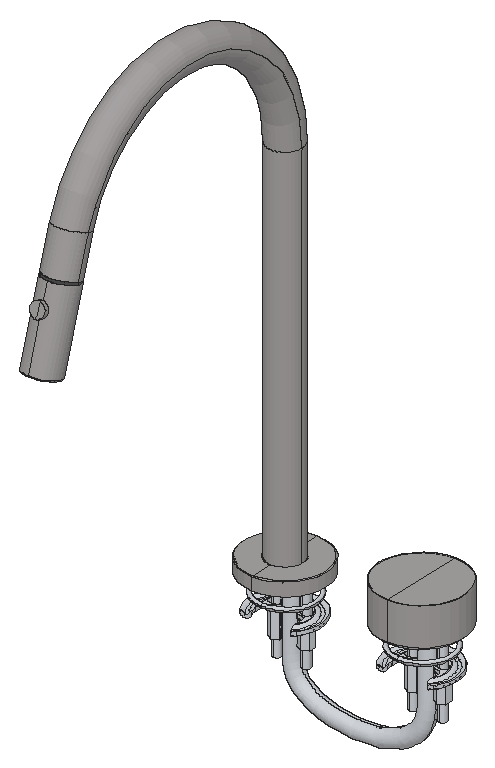
Revit family "Reece_Tap_Milli_Pure_Sink Mixer_Progressive_Pull Out Spray_Cirque Texture", category Plumbing Fixtures, host Face, Revit 2018
Family settings
  Host = Face
  Round Connector Dimension = Use Diameter
  Part Type = Normal
  Cut with Voids When Loaded = No
  Shared = Yes
  Room Calculation Point = Yes
Parameters
  WFU = 0  # constant formula
  URL = "https://www.reece.com.au/product/-2264085"
  Type Comments = "Tap"
  Reece_Tap_Reach = 222.77 mm
  Reece_Tap_Inlet = 12 mm  # constant formula
  Reece_Tap_Clearance = 226.452 mm
  Reece_Product_Web Page = "https://www.reece.com.au/product/-2264085"
  Reece_Product_Type = "Tap"  # constant formula
  Reece_Product_Sub Brand = "Pure"  # constant formula
  Reece_Product_Number = "2264085"
  Reece_Product_Mount = "Hob Mounted"
  Reece_Product_Description = "Milli Pure Progressive Sink Mixer Tap Set with Pull Out Spray and Cirque Textured Handle Gunmetal (4 Star)"
  Reece_Product_Brand = "Milli"  # constant formula
  Reece_Overall_Length = 265.863 mm
  Reece_Overall_Height = 394.3 mm
  Reece_Material_Secondary = Reece_Brass_Brushed Gunmetal_Cirque Pattern
  Reece_Material-Main = Reece_Brass_Brushed Gunmetal
  Reece_Detail_Tap_Handle Texture = "Cirque Texture"  # constant formula
  Reece_Detail_Installation = ""
  Reece_Detail_Disclaimer = "THIS FILE IS THE PROPERTY OF THE REECE GROUP. IT MAY NOT BE REPRODUCED, REVERSE-ENGINEERED OR MODIFIED. ANY REPUBLICATION, TRANSMISSION OR DISTRIBUTION FOR THE PURPOSE OF COMMERCIALLY EXPLOITING THE FILES IS PROHIBITED."  # constant formula
  Reece_Detail_Connector = ""
  Reece_Detail_Additional = "Sink Mixer Tap with Pull out Spray"  # constant formula
  Reece_3D Texture = no
  Reece_3D Simplified Geometry = not(Reece_3D Texture)  # yes
  Model = "Pure"
  Manufacturer = "Milli"
  Keynote = "Product #2264085, Reece_Tap_Milli_Pure_Sink Mixer_Progressive_Pull Out Spray_Cirque Texture -  "
  HWFU = 0  # constant formula
  Disclaimer = "THIS FILE IS THE PROPERTY OF THE REECE GROUP. IT MAY NOT BE REPRODUCED, REVERSE-ENGINEERED OR MODIFIED. ANY REPUBLICATION, TRANSMISSION OR DISTRIBUTION FOR THE PURPOSE OF COMMERCIALLY EXPLOITING THE FILES IS PROHIBITED."  # constant formula
  Description = "Milli Pure Progressive Sink Mixer Tap Set with Pull Out Spray and Cirque Textured Handle Gunmetal (4 Star)"
  Default Elevation = 1000 mm
  CWFU = 0  # constant formula
Types (7, lengths in mm): name | URL | Reece_Product_Web Page | Reece_Product_Number | Reece_Product_Description | Reece_Material_Secondary | Reece_Material-Main | Keynote | Description
  (no name) | "https://www.reece.com.au/product/-2264085" | "https://www.reece.com.au/product/-2264085" | "2264085" | "Milli Pure Progressive Sink Mixer Tap Set with Pull Out Spray and Cirque Textured Handle Gunmetal (4 Star)" | Reece_Brass_Brushed Gunmetal_Cirque Pattern | Reece_Brass_Brushed Gunmetal | "Product #2264085, Reece_Tap_Milli_Pure_Sink Mixer_Progressive_Pull Out Spray_Cirque Texture -  " | "Milli Pure Progressive Sink Mixer Tap Set with Pull Out Spray and Cirque Textured Handle Gunmetal (4 Star)"
  Brushed Gunmetal | "https://www.reece.com.au/product/-2264085" | "https://www.reece.com.au/product/-2264085" | "2264085" | "Milli Pure Progressive Sink Mixer Tap Set with Pull Out Spray and Cirque Textured Handle Gunmetal (4 Star)" | Reece_Brass_Brushed Gunmetal_Cirque Pattern | Reece_Brass_Brushed Gunmetal | "Product #2264085, Reece_Tap_Milli_Pure_Sink Mixer_Progressive_Pull Out Spray_Cirque Texture - Brushed Gunmetal" | "Milli Pure Progressive Sink Mixer Tap Set with Pull Out Spray and Cirque Textured Handle Gunmetal (4 Star)"
  Brushed Nickel | "https://www.reece.com.au/product/-2264082" | "https://www.reece.com.au/product/-2264082" | "2264082" | "Milli Pure Progressive Sink Mixer Tap Set with Pull Out Spray and Cirque Textured Handle Brushed Nickel (4 Star)" | Reece_Brass_Brushed Nickel_Cirque Pattern | Reece_Brass_Brushed Nickel | "Product #2264082, Reece_Tap_Milli_Pure_Sink Mixer_Progressive_Pull Out Spray_Cirque Texture - Brushed Nickel" | "Milli Pure Progressive Sink Mixer Tap Set with Pull Out Spray and Cirque Textured Handle Brushed Nickel (4 Star)"
  Chrome | "https://www.reece.com.au/product/-2264076" | "https://www.reece.com.au/product/-2264076" | "2264076" | "Milli Pure Progressive Sink Mixer Tap Set with Pull Out Spray and Cirque Textured Handle Chrome (4 Star)" | Reece_Brass_Chrome_Cirque Pattern | Reece_Brass_Chrome | "Product #2264076, Reece_Tap_Milli_Pure_Sink Mixer_Progressive_Pull Out Spray_Cirque Texture - Chrome" | "Milli Pure Progressive Sink Mixer Tap Set with Pull Out Spray and Cirque Textured Handle Chrome (4 Star)"
  Matte Black | "https://www.reece.com.au/product/-2264079" | "https://www.reece.com.au/product/-2264079" | "2264079" | "Milli Pure Progressive Sink Mixer Tap Set with Pull Out Spray and Cirque Textured Handle Matte Black (4 Star)" | Reece_Brass_Matte Black_Cirque Pattern | Reece_Brass_Matte Black | "Product #2264079, Reece_Tap_Milli_Pure_Sink Mixer_Progressive_Pull Out Spray_Cirque Texture - Matte Black" | "Milli Pure Progressive Sink Mixer Tap Set with Pull Out Spray and Cirque Textured Handle Matte Black (4 Star)"
  PVD Brushed Bronze | "https://www.reece.com.au/product/-9511140" | "https://www.reece.com.au/product/-9511140" | "9511140" | "Milli Pure Progressive Sink Mixer Tap Set with Pull Out Spray and Cirque Textured Handle PVD Brushed Bronze (4 Star)" | Reece_PVD_Brushed Bronze_Cirque Pattern | Reece_PVD_Brushed Bronze | "Product #9511140, Reece_Tap_Milli_Pure_Sink Mixer_Progressive_Pull Out Spray_Cirque Texture - PVD Brushed Bronze" | "Milli Pure Progressive Sink Mixer Tap Set with Pull Out Spray and Cirque Textured Handle PVD Brushed Bronze (4 Star)"
  PVD Brushed Gold | "https://www.reece.com.au/product/-9510955" | "https://www.reece.com.au/product/-9510955" | "9510955" | "Milli Pure Progressive Sink Mixer Tap Set with Pull Out Spray and Cirque Textured Handle PVD Brushed Gold (4 Star)" | Reece_PVD_Brushed Gold_Cirque Pattern | Reece_PVD_Brushed Gold | "Product #9510955, Reece_Tap_Milli_Pure_Sink Mixer_Progressive_Pull Out Spray_Cirque Texture - PVD Brushed Gold" | "Milli Pure Progressive Sink Mixer Tap Set with Pull Out Spray and Cirque Textured Handle PVD Brushed Gold (4 Star)"
Reference planes
  plane 1 "Center (Front/Back)": y = 0
  plane 2 "Bottom": z = 0
  plane 3 "Center (Left/Right)": x = 0
  plane 4 "Top": z = 394.3
  plane 5: through (0, -222.16, 228.356) normal (0, 0.9522, -0.3054)
  plane 6: y = -222.77
  plane 7: z = 226.452
  plane 8: y = -234.863
  plane 9: y = 31
Forms (mm)
  Extrusion 1, void
    sketch origin (0, 0, 0) x (1, 0, 0) y (0, 1, 0)
      loop
        circle (50, 0) r 17.5
    from 0 to -50
  Revolve 2, solid, material "Reece_Brass_Brushed Gunmetal" <- "Reece_Material-Main"
    sketch origin (50, 0, 0) x (0, 1, 0) y (0, 0, 1)
      loop
        line (28.5, 0) -> (28.5, 2) -> (0, 2) -> (0, 0) -> (28.5, 0)
      axis (0, 2) -> (0, 0)
    angle from 0 to 360
  Extrusion 3, void
    sketch origin (50, 2, 0) x (1, 0, 0) y (0, 1, 0)
      loop
        circle (-7, -9.5) r 6.7
      loop
        circle (-10.749, 4.019) r 3.519
      loop
        circle (10.75, 4) r 3.5
      loop
        circle (7, -9.5) r 6.7
      loop
        circle (0, 4.7) r 6.7
    from 0 to 4
  Extrusion 4, solid
    sketch origin (50, 2, 0) x (0, 1, 0) y (1, 0, 0)
      loop
        circle (4, 10.75) r 3
      loop
        circle (4, -10.75) r 3
    from 0 to 61.5
  Revolve 5, solid
    sketch origin (50, 0, -7) x (0, 1, 0) y (0, 0, 1)
      loop
        arc (18.75, -21.5) -> (21.75, -23) -> (24.75, -21.5) r 3.75
        line (24.75, -21.5) -> (25.75, -21.5) -> (25.75, -19)
        arc (25.75, -19) -> (24.212, -19.499) -> (22.941, -20.498) r 4.61
        arc (22.941, -20.498) -> (21.841, -21) -> (20.728, -20.527) r 1.5
        arc (20.728, -20.527) -> (19.122, -19.398) -> (17.2, -19) r 4.84
        line (17.2, -19) -> (17.2, -21.5) -> (18.75, -21.5)
      axis (0, -19) -> (0, -21.5)
    angle from 0 to 360
  Extrusion 6, solid
    sketch origin (50, 0, -30) x (1, 0, 0) y (0, 1, 0)
      loop
        arc (-9.053, 2.711) -> (-6.961, 7.197) -> (-11.447, 9.289) r 3.5
        line (-11.447, 9.289) -> (-13.326, 8.605)
        arc (-13.326, 8.605) -> (-15.418, 4.119) -> (-10.932, 2.027) r 3.5
        line (-10.932, 2.027) -> (-9.053, 2.711)
      loop
        arc (-5.01, 5.791) -> (-6.06, 3.288) -> (-8.263, 1.702) r 5
        line (-8.263, 1.702) -> (-13.684, -0.271)
        arc (-13.684, -0.271) -> (-14.638, -1.003) -> (-15, -2.15) r 2
        line (-15, -2.15) -> (-15, -8.417)
        arc (-15, -8.417) -> (0, 17.2) -> (15, -8.417) r 17.2
        line (15, -8.417) -> (15, -2.15)
        arc (15, -2.15) -> (14.638, -1.003) -> (13.684, -0.271) r 2
        line (13.684, -0.271) -> (8.263, 1.702)
        arc (8.263, 1.702) -> (6.06, 3.288) -> (5.01, 5.791) r 5
        line (5.01, 5.791) -> (4.466, 10.221)
        arc (4.466, 10.221) -> (0, 14.173) -> (-4.466, 10.221) r 4.5
        line (-4.466, 10.221) -> (-5.01, 5.791)
      loop
        arc (11.447, 9.289) -> (6.961, 7.197) -> (9.053, 2.711) r 3.5
        line (9.053, 2.711) -> (10.932, 2.027)
        arc (10.932, 2.027) -> (15.418, 4.119) -> (13.326, 8.605) r 3.5
        line (13.326, 8.605) -> (11.447, 9.289)
    from 1.5 to 4
  Extrusion 7, solid
    sketch origin (50, 0, -7) x (1, 0, 0) y (0, 1, 0)
      loop
        circle (10.75, 6) r 3
      loop
        line (10.75, 11.196) -> (6.25, 8.598) -> (6.25, 3.402) -> (10.75, 0.804) -> (15.25, 3.402) -> (15.25, 8.598) -> (10.75, 11.196)
      loop
        circle (-10.75, 6) r 3
      loop
        line (-10.75, 11.196) -> (-15.25, 8.598) -> (-15.25, 3.402) -> (-10.75, 0.804) -> (-6.25, 3.402) -> (-6.25, 8.598) -> (-10.75, 11.196)
    from -41.5 to -23
  Revolve 8, solid
    sketch origin (50, 0, 0) x (0, 1, 0) y (0, 0, 1)
      loop
        circle (22.2, -14) r 1.3
      axis (1, -14) -> (1, -13)
    angle from 0 to 360
  Extrusion 9, void
    sketch origin (50, 0, -23) x (1, 0, 0) y (0, 1, 0)
      loop
        line (27.556, -34.599) -> (27.556, -14.961) -> (20.958, -14.961)
        arc (20.958, -14.961) -> (17.049, -15.272) -> (15, -11.93) r 3.75
        line (15, -11.93) -> (15, -8.417) -> (-15, -8.417) -> (-15, -11.93)
        arc (-15, -11.93) -> (-17.049, -15.272) -> (-20.958, -14.961) r 3.75
        line (-20.958, -14.961) -> (-27.556, -14.961) -> (-27.556, -34.599) -> (27.556, -34.599)
    from -13.943 to 5
  Sweep 10, solid, material "Reece_Brass_Brushed Gunmetal" <- "Reece_Material-Main"
    path origin (-50, 0, 0) x (0, 1, 0) y (0, 0, 1)
      loop
        line (-204.384, 283.775) -> (-195.222, 312.342)
        arc (-195.222, 312.342) -> (-84.543, 380.598) -> (0, 281.8) r 100
        line (0, 281.8) -> (0, 0)
    profile origin (-50, 0, 140.9) x (1, 0, 0) y (0, 1, 0)
      loop
        circle (0, 0) r 12.5
  Sweep 11, solid, material "Reece_Brass_Matte Black"
    path origin (-50, 0, 0) x (0, 1, 0) y (0, 0, 1)
      loop
        line (-205.056, 281.68) -> (-204.445, 283.585)
    profile origin (-50, -204.751, 282.632) x (0, -0.952219, 0.305416) y (1, 0, 0)
      loop
        circle (0, 0) r 12.5
  Sweep 12, solid, material "Reece_Brass_Matte Black"
    path origin (-50, 0, 0) x (0, 1, 0) y (0, 0, 1)
      loop
        line (-205.056, 281.68) -> (-204.445, 283.585)
    profile origin (-50, -204.751, 282.632) x (0, -0.952219, 0.305416) y (1, 0, 0)
      loop
        circle (0, 0) r 12.5
  Revolve 13, solid, material "Reece_Brass_Brushed Gunmetal" <- "Reece_Material-Main"
    sketch origin (-50, 0, 0) x (0, 1, 0) y (0, 0, 1)
      loop
        line (-210.5, 223.126) -> (-192.963, 277.801) -> (-205.056, 281.68) -> (-222.16, 228.356) -> (-211.447, 224.92) -> (-211.766, 223.926)
        arc (-211.766, 223.926) -> (-211.713, 223.212) -> (-211.179, 222.734) r 0.956
        line (-211.179, 222.734) -> (-210.5, 223.126)
      axis (-222.77, 226.452) -> (-205.056, 281.68)
    angle from 0 to 360
  Revolve 14, solid, material "Reece_Brass_Brushed Gunmetal" <- "Reece_Material-Main"
    sketch origin (-50, 0, 0) x (0, 1, 0) y (0, 0, 1)
      loop
        line (-30, 9.4) -> (-30, 0) -> (-10, 0) -> (-10, 7.624) -> (-13.394, 10) -> (-29.4, 10) -> (-30, 9.4)
      axis (0, 10) -> (0, 0)
    angle from 0 to 360
  Revolve 15, solid, material "Reece_Brass_Matte Black"
    sketch origin (-50, 0, 0) x (0, 1, 0) y (0, 0, 1)
      loop
        line (-213.327, 225.523) -> (-222.16, 228.356) -> (-222.601, 226.979) -> (-213.769, 224.146) -> (-213.327, 225.523)
      axis (-222.601, 226.979) -> (-222.16, 228.356)
    angle from 0 to 360
  Extrusion 16, void
    sketch origin (0, -222.16, 228.356) x (0, -0.305416, -0.952219) y (-1, 0, 0)
      loop
        arc (-35.2, 47.723) -> (-33.401, 49.521) -> (-35.2, 51.32) r 1.799
        line (-35.2, 51.32) -> (-39.8, 51.32)
        arc (-39.8, 51.32) -> (-41.599, 49.521) -> (-39.8, 47.723) r 1.799
        line (-39.8, 47.723) -> (-35.2, 47.723)
    from -15 to -11.281
  Revolve 17, solid, material "Reece_Brass_Brushed Gunmetal" <- "Reece_Material-Main"
    sketch origin (-50, 0, 0) x (0, 1, 0) y (0, 0, 1)
      loop
        line (-226.416, 270.582) -> (-221.018, 268.85) -> (-220.713, 269.803) -> (-223.492, 270.694) -> (-222.118, 274.979) -> (-224.737, 275.819) -> (-226.416, 270.582)
      axis (-221.018, 268.85) -> (-226.416, 270.582)
    angle from 0 to 360
  Extrusion 18, void
    sketch origin (-100, 0, 0) x (1, 0, 0) y (0, 1, 0)
      loop
        circle (50, 0) r 17.5
    from 0 to -50
  Extrusion 19, solid
    sketch origin (-50, 2, 0) x (0, 1, 0) y (1, 0, 0)
      loop
        circle (4, 10.75) r 3
      loop
        circle (4, -10.75) r 3
    from 0 to 61.5
  Revolve 20, solid
    sketch origin (-50, 0, -7) x (0, 1, 0) y (0, 0, 1)
      loop
        arc (18.75, -21.5) -> (21.75, -23) -> (24.75, -21.5) r 3.75
        line (24.75, -21.5) -> (25.75, -21.5) -> (25.75, -19)
        arc (25.75, -19) -> (24.212, -19.499) -> (22.941, -20.498) r 4.61
        arc (22.941, -20.498) -> (21.841, -21) -> (20.728, -20.527) r 1.5
        arc (20.728, -20.527) -> (19.122, -19.398) -> (17.2, -19) r 4.84
        line (17.2, -19) -> (17.2, -21.5) -> (18.75, -21.5)
      axis (0, -19) -> (0, -21.5)
    angle from 0 to 360
  Extrusion 21, solid
    sketch origin (-50, 0, -30) x (1, 0, 0) y (0, 1, 0)
      loop
        arc (-9.053, 2.711) -> (-6.961, 7.197) -> (-11.447, 9.289) r 3.5
        line (-11.447, 9.289) -> (-13.326, 8.605)
        arc (-13.326, 8.605) -> (-15.418, 4.119) -> (-10.932, 2.027) r 3.5
        line (-10.932, 2.027) -> (-9.053, 2.711)
      loop
        arc (-5.01, 5.791) -> (-6.06, 3.288) -> (-8.263, 1.702) r 5
        line (-8.263, 1.702) -> (-13.684, -0.271)
        arc (-13.684, -0.271) -> (-14.638, -1.003) -> (-15, -2.15) r 2
        line (-15, -2.15) -> (-15, -8.417)
        arc (-15, -8.417) -> (0, 17.2) -> (15, -8.417) r 17.2
        line (15, -8.417) -> (15, -2.15)
        arc (15, -2.15) -> (14.638, -1.003) -> (13.684, -0.271) r 2
        line (13.684, -0.271) -> (8.263, 1.702)
        arc (8.263, 1.702) -> (6.06, 3.288) -> (5.01, 5.791) r 5
        line (5.01, 5.791) -> (4.466, 10.221)
        arc (4.466, 10.221) -> (0, 14.173) -> (-4.466, 10.221) r 4.5
        line (-4.466, 10.221) -> (-5.01, 5.791)
      loop
        arc (11.447, 9.289) -> (6.961, 7.197) -> (9.053, 2.711) r 3.5
        line (9.053, 2.711) -> (10.932, 2.027)
        arc (10.932, 2.027) -> (15.418, 4.119) -> (13.326, 8.605) r 3.5
        line (13.326, 8.605) -> (11.447, 9.289)
    from 1.5 to 4
  Extrusion 22, solid
    sketch origin (-50, 0, -7) x (1, 0, 0) y (0, 1, 0)
      loop
        circle (10.75, 6) r 3
      loop
        line (10.75, 11.196) -> (6.25, 8.598) -> (6.25, 3.402) -> (10.75, 0.804) -> (15.25, 3.402) -> (15.25, 8.598) -> (10.75, 11.196)
      loop
        circle (-10.75, 6) r 3
      loop
        line (-10.75, 11.196) -> (-15.25, 8.598) -> (-15.25, 3.402) -> (-10.75, 0.804) -> (-6.25, 3.402) -> (-6.25, 8.598) -> (-10.75, 11.196)
    from -41.5 to -23
  Revolve 23, solid
    sketch origin (-50, 0, 0) x (0, 1, 0) y (0, 0, 1)
      loop
        circle (22.2, -14) r 1.3
      axis (1, -14) -> (1, -13)
    angle from 0 to 360
  Extrusion 24, void
    sketch origin (-50, 0, -23) x (1, 0, 0) y (0, 1, 0)
      loop
        line (27.556, -34.599) -> (27.556, -14.961) -> (20.958, -14.961)
        arc (20.958, -14.961) -> (17.049, -15.272) -> (15, -11.93) r 3.75
        line (15, -11.93) -> (15, -8.417) -> (-15, -8.417) -> (-15, -11.93)
        arc (-15, -11.93) -> (-17.049, -15.272) -> (-20.958, -14.961) r 3.75
        line (-20.958, -14.961) -> (-27.556, -14.961) -> (-27.556, -34.599) -> (27.556, -34.599)
    from -13.943 to 5
  Sweep 25, solid
    path origin (0, 0, 0) x (1, 0, 0) y (0, 0, 1)
      loop
        spline (-50, 0) -> (-50, -35.658) -> (-49.855, -51.176) -> (-48.185, -64.973) -> (-40.224, -77.244) -> (-23.351, -85.775) -> (-1.747, -89.448) -> (19.693, -87.466) -> (37.142, -80.02) -> (47.233, -67.671) -> (49.994, -51.322) -> (50.019, -32.006) -> (50, 0)
    profile origin (-1.747, 0, -89.448) x (0.041345, 0, 0.999145) y (0, -1, 0)
      loop
        circle (0, -6.25) r 6
Cuts and joins
  Extrusion 3, Extrusion 18 cuts Revolve 2
  Extrusion 3, Extrusion 18 cuts Extrusion 4
  Extrusion 9 cuts Revolve 5
  joined: Sweep 10, Revolve 14
  Extrusion 16 cuts Revolve 13
  Extrusion 24 cuts Revolve 20
Text (mm)
  text "Reece Copyright © 2018, Reece Ltd." at (-1403.988, -1192.393, 0), in view "Ref. Level"
  text "Reece ©" at (44.384, 258.95, 192.345), in view "Reece Preview"
Dimensions and locks
  "Reece_Overall_Height": plane 4 "Top" to plane 2 "Bottom"
  Revolve 13 sketch curve to Revolve 13 sketch curve = 12.7 mm
  "Reece_Tap_Clearance": plane 7 to plane 2 "Bottom"
  "Reece_Tap_Reach": plane 1 "Center (Front/Back)" to plane 6
  "Reece_Overall_Length": plane 9 to plane 8
  aligned and locked: plane 2 "Bottom" to host face
  aligned and locked: level to host face
Automatic sketch dimensions
  host sketch curve to host sketch curve = 380.785 mm
  host sketch curve to host sketch curve = 317.421 mm
  Extrusion 1 sketch curve to Extrusion 1 sketch curve = 0 mm  (x2)
  plane 1 "Center (Front/Back)" to Extrusion 1 sketch curve = 0 mm
  plane 3 "Center (Left/Right)" to Extrusion 1 sketch curve = 50 mm
  plane 1 "Center (Front/Back)" to Extrusion 1 sketch curve = 17.5 mm
  Revolve 2 sketch curve to plane 1 "Center (Front/Back)" = 0 mm  (x2)
  level to Revolve 2 sketch curve = 0 mm
  Revolve 2 sketch curve to level = 23.173 mm
  Revolve 2 sketch curve to Revolve 2 sketch curve = 130 mm
  Extrusion 3 sketch curve to plane 1 "Center (Front/Back)" = 6.019 mm
  plane 3 "Center (Left/Right)" to Extrusion 3 sketch curve = 39.251 mm
  Extrusion 3 sketch curve to Extrusion 3 sketch curve = 3.749 mm
  Extrusion 3 sketch curve to Extrusion 3 sketch curve = 10.749 mm
  Extrusion 3 sketch curve to Extrusion 3 sketch curve = 14 mm
  Extrusion 3 sketch curve to Extrusion 3 sketch curve = 10.75 mm
  Extrusion 3 sketch curve to plane 1 "Center (Front/Back)" = 6 mm
  plane 1 "Center (Front/Back)" to Extrusion 3 sketch curve = 7.5 mm  (x2)
  Extrusion 3 sketch curve to plane 1 "Center (Front/Back)" = 6.7 mm
  Extrusion 4 sketch curve to plane 1 "Center (Front/Back)" = 6 mm  (x2)
  plane 3 "Center (Left/Right)" to Extrusion 4 sketch curve = 60.75 mm
  Extrusion 4 sketch curve to Extrusion 4 sketch curve = 21.5 mm
  Revolve 5 sketch curve to plane 1 "Center (Front/Back)" = 0 mm
  Revolve 5 sketch curve to Revolve 5 sketch curve = 1.55 mm
  Revolve 5 sketch curve to Revolve 5 sketch curve = 0.072 mm
  Revolve 5 sketch curve to Revolve 5 sketch curve = 0.632 mm
  Revolve 5 sketch curve to level = 30.84 mm
  Revolve 5 sketch curve to Revolve 5 sketch curve = 0.274 mm
  Revolve 5 sketch curve to Revolve 5 sketch curve = 2.34 mm
  Revolve 5 sketch curve to Revolve 5 sketch curve = 2 mm
  Revolve 5 sketch curve to Revolve 5 sketch curve = 0.25 mm
  Revolve 5 sketch curve to Revolve 5 sketch curve = 2.5 mm  (x2)
  Revolve 5 sketch curve to Revolve 5 sketch curve = 0 mm
  Revolve 5 sketch curve to Revolve 5 sketch curve = 316.97 mm
  plane 4 "Top" to Revolve 5 sketch curve = 442.532 mm
  plane 1 "Center (Front/Back)" to Extrusion 6 sketch curve = 0 mm
  plane 1 "Center (Front/Back)" to Extrusion 6 sketch curve = 8.417 mm
  plane 3 "Center (Left/Right)" to Extrusion 6 sketch curve = 35 mm
  plane 1 "Center (Front/Back)" to Extrusion 6 sketch curve = 0.271 mm  (x2)
  Extrusion 6 sketch curve to Extrusion 6 sketch curve = 1.316 mm
  Extrusion 6 sketch curve to plane 1 "Center (Front/Back)" = 8.605 mm  (x2)
  Extrusion 6 sketch curve to Extrusion 6 sketch curve = 0.358 mm
  Extrusion 6 sketch curve to Extrusion 6 sketch curve = 0.684 mm  (x2)
  Extrusion 6 sketch curve to Extrusion 6 sketch curve = 1.197 mm  (x2)
  Extrusion 6 sketch curve to plane 1 "Center (Front/Back)" = 9.289 mm  (x2)
  Extrusion 6 sketch curve to Extrusion 6 sketch curve = 1.879 mm  (x6)
  Extrusion 6 sketch curve to plane 1 "Center (Front/Back)" = 2.027 mm  (x2)
  Extrusion 6 sketch curve to Extrusion 6 sketch curve = 0.277 mm  (x2)
  Extrusion 6 sketch curve to plane 1 "Center (Front/Back)" = 2.711 mm  (x2)
  Extrusion 6 sketch curve to plane 1 "Center (Front/Back)" = 1.702 mm  (x2)
  Extrusion 6 sketch curve to Extrusion 6 sketch curve = 0.79 mm  (x2)
  Extrusion 6 sketch curve to plane 1 "Center (Front/Back)" = 5.791 mm  (x2)
  Extrusion 6 sketch curve to Extrusion 6 sketch curve = 4.963 mm
  Extrusion 6 sketch curve to plane 1 "Center (Front/Back)" = 10.221 mm  (x2)
  Extrusion 6 sketch curve to Extrusion 6 sketch curve = 0.544 mm  (x2)
  Extrusion 6 sketch curve to Extrusion 6 sketch curve = 5.01 mm
  Extrusion 6 sketch curve to Extrusion 6 sketch curve = 4.466 mm
  Extrusion 6 sketch curve to Extrusion 6 sketch curve = 3.253 mm
  Extrusion 6 sketch curve to Extrusion 6 sketch curve = 0.92 mm
  Extrusion 6 sketch curve to Extrusion 6 sketch curve = 1.474 mm
  plane 1 "Center (Front/Back)" to Extrusion 6 sketch curve = 2.15 mm
  Extrusion 6 sketch curve to Extrusion 6 sketch curve = 2.068 mm
  Extrusion 6 sketch curve to Extrusion 6 sketch curve = 0.548 mm
  Extrusion 7 sketch curve to plane 1 "Center (Front/Back)" = 8.598 mm  (x4)
  plane 3 "Center (Left/Right)" to Extrusion 7 sketch curve = 34.75 mm
  Extrusion 7 sketch curve to plane 1 "Center (Front/Back)" = 0.804 mm  (x2)
  Extrusion 7 sketch curve to Extrusion 7 sketch curve = 4.5 mm  (x6)
  Extrusion 7 sketch curve to plane 1 "Center (Front/Back)" = 11.196 mm  (x2)
  Extrusion 7 sketch curve to Extrusion 7 sketch curve = 0 mm  (x2)
  Extrusion 7 sketch curve to Extrusion 7 sketch curve = 12.5 mm
  Extrusion 7 sketch curve to plane 1 "Center (Front/Back)" = 3.402 mm  (x4)
  Extrusion 7 sketch curve to Extrusion 7 sketch curve = 5.196 mm  (x2)
  Revolve 8 sketch curve to level = 14 mm  (x2)
  Revolve 8 sketch curve to plane 1 "Center (Front/Back)" = 1 mm
  Revolve 8 sketch curve to Revolve 8 sketch curve = 4.102 mm
  plane 3 "Center (Left/Right)" to Extrusion 9 sketch curve = 22.444 mm
  Extrusion 9 sketch curve to Extrusion 9 sketch curve = 6.599 mm  (x2)
  Extrusion 9 sketch curve to Extrusion 9 sketch curve = 2.208 mm  (x2)
  Extrusion 9 sketch curve to Extrusion 9 sketch curve = 3.75 mm  (x2)
  plane 1 "Center (Front/Back)" to Extrusion 9 sketch curve = 8.417 mm
  Extrusion 9 sketch curve to Extrusion 9 sketch curve = 30 mm
  Extrusion 9 sketch curve to Extrusion 9 sketch curve = 3.513 mm
  Extrusion 9 sketch curve to Extrusion 9 sketch curve = 3.514 mm
  Extrusion 9 sketch curve to Extrusion 9 sketch curve = 19.637 mm
  plane 5 to Sweep 10 sketch curve = 0 mm  (x2)
  Sweep 10 sketch curve to plane 1 "Center (Front/Back)" = 0 mm
  level to Sweep 10 sketch curve = 0 mm
  plane 7 to Sweep 10 sketch curve = 55.348 mm
  Sweep 10 sketch curve to plane 6 = 27.548 mm
  Sweep 10 sketch curve to plane 6 = 18.386 mm
  profile plane to Sweep 10 sketch curve = 0 mm
  Sweep 10 sketch curve to profile plane = 0 mm
  plane 5 to Sweep 11 sketch curve = 0 mm  (x2)
  Sweep 11 sketch curve to plane 6 = 17.714 mm
  Sweep 11 sketch curve to Sweep 11 sketch curve = 0.611 mm
  Sweep 11 sketch curve to profile plane = 0 mm  (x2)
  plane 5 to Sweep 12 sketch curve = 0 mm  (x2)
  Sweep 12 sketch curve to plane 6 = 17.714 mm
  Sweep 12 sketch curve to Sweep 12 sketch curve = 0.611 mm
  Sweep 12 sketch curve to profile plane = 0 mm  (x2)
  Revolve 13 sketch curve to plane 5 = 0 mm
  plane 5 to Revolve 13 sketch curve = 0 mm  (x2)
  Revolve 13 sketch curve to plane 6 = 0.611 mm
  Revolve 13 sketch curve to plane 7 = 2.526 mm
  Revolve 13 sketch curve to plane 6 = 11.004 mm
  Revolve 13 sketch curve to plane 7 = 3.718 mm
  Revolve 13 sketch curve to Revolve 13 sketch curve = 0.587 mm
  Revolve 13 sketch curve to Revolve 13 sketch curve = 0.911 mm
  Revolve 13 sketch curve to plane 7 = 3.326 mm
  Revolve 13 sketch curve to plane 6 = 17.714 mm
  Revolve 13 sketch curve to Revolve 13 sketch curve = 0.672 mm
  Revolve 13 sketch curve to plane 6 = 27.548 mm
  level to Revolve 14 sketch curve = 0 mm
  Revolve 14 sketch curve to plane 1 "Center (Front/Back)" = 0 mm
  plane 1 "Center (Front/Back)" to Revolve 14 sketch curve = 10 mm
  Revolve 14 sketch curve to Revolve 14 sketch curve = 3.394 mm
  level to Revolve 14 sketch curve = 10 mm
  Revolve 14 sketch curve to Revolve 14 sketch curve = 16.006 mm
  Revolve 14 sketch curve to Revolve 14 sketch curve = 0.6 mm  (x2)
  Revolve 14 sketch curve to Revolve 14 sketch curve = 2.376 mm
  Revolve 14 sketch curve to plane 7 = 87.067 mm
  Revolve 14 sketch curve to plane 7 = 37.067 mm
  Revolve 15 sketch curve to plane 5 = 0 mm  (x2)
  plane 5 to Revolve 15 sketch curve = 0 mm  (x2)
  Revolve 15 sketch curve to plane 6 = 0.169 mm
  Revolve 15 sketch curve to plane 6 = 0.611 mm
  Revolve 15 sketch curve to plane 7 = 2.306 mm
  Revolve 15 sketch curve to plane 6 = 18.386 mm
  Revolve 15 sketch curve to plane 6 = 27.548 mm
  Extrusion 16 sketch curve to plane 3 "Center (Left/Right)" = 47.723 mm
  Extrusion 16 sketch curve to Extrusion 16 sketch curve = 4.6 mm
  Extrusion 16 sketch curve to Extrusion 16 sketch curve = 1.799 mm
  plane 6 to Revolve 17 sketch curve = 3.646 mm
  plane 6 to Revolve 17 sketch curve = 1.966 mm
  plane 6 to Revolve 17 sketch curve = 0.722 mm
  Revolve 17 sketch curve to plane 6 = 0.652 mm
  Revolve 17 sketch curve to plane 6 = 1.752 mm
  Revolve 17 sketch curve to Revolve 17 sketch curve = 0.305 mm
  plane 7 to Revolve 17 sketch curve = 42.398 mm
  Revolve 17 sketch curve to Revolve 17 sketch curve = 0.952 mm
  Revolve 17 sketch curve to Revolve 17 sketch curve = 1.731 mm
  Revolve 17 sketch curve to Revolve 17 sketch curve = 0.892 mm
  Revolve 17 sketch curve to Revolve 17 sketch curve = 4.285 mm
  Revolve 17 sketch curve to Revolve 17 sketch curve = 0.84 mm
  Revolve 17 sketch curve to Revolve 17 sketch curve = 1.814 mm
  Revolve 17 sketch curve to Revolve 17 sketch curve = 1.148 mm
  Revolve 17 sketch curve to Revolve 17 sketch curve = 0.682 mm
  Revolve 17 sketch curve to Revolve 17 sketch curve = 0.582 mm
  Extrusion 18 sketch curve to Extrusion 18 sketch curve = 0 mm  (x2)
  plane 1 "Center (Front/Back)" to Extrusion 18 sketch curve = 0 mm
  Extrusion 18 sketch curve to plane 3 "Center (Left/Right)" = 50 mm
  plane 1 "Center (Front/Back)" to Extrusion 18 sketch curve = 17.5 mm
  Extrusion 19 sketch curve to plane 1 "Center (Front/Back)" = 6 mm  (x2)
  Extrusion 19 sketch curve to plane 3 "Center (Left/Right)" = 39.25 mm
  Extrusion 19 sketch curve to Extrusion 19 sketch curve = 21.5 mm
  Revolve 20 sketch curve to plane 1 "Center (Front/Back)" = 0 mm
  Revolve 20 sketch curve to Revolve 20 sketch curve = 1.55 mm
  Revolve 20 sketch curve to Revolve 20 sketch curve = 0.072 mm
  Revolve 20 sketch curve to Revolve 20 sketch curve = 0.632 mm
  Revolve 20 sketch curve to level = 30.84 mm
  Revolve 20 sketch curve to Revolve 20 sketch curve = 0.274 mm
  Revolve 20 sketch curve to Revolve 20 sketch curve = 2.34 mm
  Revolve 20 sketch curve to Revolve 20 sketch curve = 2 mm
  Revolve 20 sketch curve to Revolve 20 sketch curve = 0.25 mm
  Revolve 20 sketch curve to Revolve 20 sketch curve = 2.5 mm  (x2)
  Revolve 20 sketch curve to Revolve 20 sketch curve = 0 mm
  Revolve 20 sketch curve to Revolve 20 sketch curve = 316.97 mm
  plane 4 "Top" to Revolve 20 sketch curve = 442.532 mm
  plane 1 "Center (Front/Back)" to Extrusion 21 sketch curve = 0 mm
  plane 1 "Center (Front/Back)" to Extrusion 21 sketch curve = 8.417 mm
  Extrusion 21 sketch curve to plane 3 "Center (Left/Right)" = 65 mm
  plane 1 "Center (Front/Back)" to Extrusion 21 sketch curve = 0.271 mm  (x2)
  Extrusion 21 sketch curve to Extrusion 21 sketch curve = 1.316 mm
  Extrusion 21 sketch curve to plane 1 "Center (Front/Back)" = 8.605 mm  (x2)
  Extrusion 21 sketch curve to Extrusion 21 sketch curve = 0.358 mm
  Extrusion 21 sketch curve to Extrusion 21 sketch curve = 0.684 mm  (x2)
  Extrusion 21 sketch curve to Extrusion 21 sketch curve = 1.197 mm  (x2)
  Extrusion 21 sketch curve to plane 1 "Center (Front/Back)" = 9.289 mm  (x2)
  Extrusion 21 sketch curve to Extrusion 21 sketch curve = 1.879 mm  (x6)
  Extrusion 21 sketch curve to plane 1 "Center (Front/Back)" = 2.027 mm  (x2)
  Extrusion 21 sketch curve to Extrusion 21 sketch curve = 0.277 mm  (x2)
  Extrusion 21 sketch curve to plane 1 "Center (Front/Back)" = 2.711 mm  (x2)
  Extrusion 21 sketch curve to plane 1 "Center (Front/Back)" = 1.702 mm  (x2)
  Extrusion 21 sketch curve to Extrusion 21 sketch curve = 0.79 mm  (x2)
  Extrusion 21 sketch curve to plane 1 "Center (Front/Back)" = 5.791 mm  (x2)
  Extrusion 21 sketch curve to Extrusion 21 sketch curve = 4.963 mm
  Extrusion 21 sketch curve to plane 1 "Center (Front/Back)" = 10.221 mm  (x2)
  Extrusion 21 sketch curve to Extrusion 21 sketch curve = 0.544 mm  (x2)
  Extrusion 21 sketch curve to Extrusion 21 sketch curve = 5.01 mm
  Extrusion 21 sketch curve to Extrusion 21 sketch curve = 4.466 mm
  Extrusion 21 sketch curve to Extrusion 21 sketch curve = 3.253 mm
  Extrusion 21 sketch curve to Extrusion 21 sketch curve = 0.92 mm
  Extrusion 21 sketch curve to Extrusion 21 sketch curve = 1.474 mm
  plane 1 "Center (Front/Back)" to Extrusion 21 sketch curve = 2.15 mm
  Extrusion 21 sketch curve to Extrusion 21 sketch curve = 2.068 mm
  Extrusion 21 sketch curve to Extrusion 21 sketch curve = 0.548 mm
  Extrusion 22 sketch curve to plane 1 "Center (Front/Back)" = 8.598 mm  (x4)
  Extrusion 22 sketch curve to plane 3 "Center (Left/Right)" = 65.25 mm
  Extrusion 22 sketch curve to plane 1 "Center (Front/Back)" = 0.804 mm  (x2)
  Extrusion 22 sketch curve to Extrusion 22 sketch curve = 4.5 mm  (x6)
  Extrusion 22 sketch curve to plane 1 "Center (Front/Back)" = 11.196 mm  (x2)
  Extrusion 22 sketch curve to Extrusion 22 sketch curve = 0 mm  (x2)
  Extrusion 22 sketch curve to Extrusion 22 sketch curve = 12.5 mm
  Extrusion 22 sketch curve to plane 1 "Center (Front/Back)" = 3.402 mm  (x4)
  Extrusion 22 sketch curve to Extrusion 22 sketch curve = 5.196 mm  (x2)
  Revolve 23 sketch curve to level = 14 mm  (x2)
  Revolve 23 sketch curve to plane 1 "Center (Front/Back)" = 1 mm
  Revolve 23 sketch curve to Revolve 23 sketch curve = 4.102 mm
  plane 1 "Center (Front/Back)" to Extrusion 24 sketch curve = 34.599 mm
  Extrusion 24 sketch curve to plane 3 "Center (Left/Right)" = 77.556 mm
  Extrusion 24 sketch curve to Extrusion 24 sketch curve = 6.599 mm  (x2)
  Extrusion 24 sketch curve to Extrusion 24 sketch curve = 2.208 mm  (x2)
  Extrusion 24 sketch curve to Extrusion 24 sketch curve = 3.75 mm  (x2)
  plane 1 "Center (Front/Back)" to Extrusion 24 sketch curve = 8.417 mm
  Extrusion 24 sketch curve to Extrusion 24 sketch curve = 30 mm
  Extrusion 24 sketch curve to Extrusion 24 sketch curve = 6.545 mm  (x2)
  Sweep 25 sketch curve to level = 0 mm
  Sweep 25 sketch curve to plane 3 "Center (Left/Right)" = 50 mm
  plane 3 "Center (Left/Right)" to Sweep 25 sketch curve = 50 mm
  Sweep 25 sketch curve to profile plane = 0 mm
  Sweep 25 sketch curve to plane 1 "Center (Front/Back)" = 6.25 mm
  Revolve 5 sketch curve to plane 9 = 13.8 mm
  Revolve 5 sketch curve to Revolve 5 sketch curve = 3 mm
  Revolve 5 sketch curve to Revolve 5 sketch curve = 2.928 mm
  Revolve 5 sketch curve to Revolve 5 sketch curve = 1 mm
  Revolve 8 sketch curve to plane 9 = 8.8 mm
  Revolve 20 sketch curve to plane 9 = 13.8 mm
  Revolve 20 sketch curve to Revolve 20 sketch curve = 3 mm
  Revolve 20 sketch curve to Revolve 20 sketch curve = 2.928 mm
  Revolve 20 sketch curve to Revolve 20 sketch curve = 1 mm
  Revolve 23 sketch curve to plane 9 = 8.8 mm
  Revolve 2 sketch curve to Revolve 2 sketch curve = 2 mm
  Revolve 2 sketch curve to plane 9 = 2.5 mm
  radius of Extrusion 3 sketch curve = 6.7 mm  (x3)
  radius of Extrusion 3 sketch curve = 3.519 mm
  radius of Extrusion 3 sketch curve = 3.5 mm
  radius of Extrusion 4 sketch curve = 3 mm  (x2)
  radius of Extrusion 7 sketch curve = 3 mm  (x2)
  radius of Revolve 8 sketch curve = 1.3 mm
  radius of Sweep 10 sketch curve = 12.5 mm
  radius of Sweep 11 sketch curve = 12.5 mm
  radius of Sweep 12 sketch curve = 12.5 mm
  radius of Extrusion 19 sketch curve = 3 mm  (x2)
  radius of Extrusion 22 sketch curve = 3 mm  (x2)
  radius of Revolve 23 sketch curve = 1.3 mm
  radius of Sweep 25 sketch curve = 6 mm
Nested families
  nested 1: "Reece_Tap_Milli_Pure_Diverter_Cirque Texture_Cap" at (50, 0, 0), visible <- "Reece_3D Texture", Reece_Material-Main <- "Reece_Material-Main", Reece_Material_Secondary <- "Reece_Material_Secondary", type "62mm x 30mm"
    with Reece_Material_Secondary Reece_Brass_Brushed Gunmetal_Cirque Pattern, Reece_Material-Main Reece_Brass_Brushed Gunmetal
  nested 2: "Reece_Tap_Milli_Pure_Diverter_Texture_Main_Nested" at (50, 0, 0), visible <- "Reece_3D Simplified Geometry", Reece_Material-Main <- "Reece_Material-Main", Reece_Material_Secondary <- "Reece_Material_Secondary", type "62mm x 30mm"
    with Reece_Material_Secondary Reece_Brass_Brushed Gunmetal_Cirque Pattern, Reece_Material-Main Reece_Brass_Brushed Gunmetal
Connectors
  piping at (43, -7.5, 4), diameter 12, driven by "Reece_Tap_Inlet"
    settings: on cut or joined group of Revolve 2, Extrusion 3, Extrusion 18, index 1, connector inside diameter 609.6 mm, connector length 0 mm, flow factor 0, pipe flow 0.0 L/s, pressure drop 0.0 Pa, fitting loss kfactor 0, connector angle 0.00°, fixture units 0, engagement length 0 mm, angle of deflection 0.00°, flow configuration 0, flow direction 1, fitting loss method 0, system type 29, joint type 0, gender type 0, connector reference index -1, connector utility 0, adjustable connector no, is connector primary yes, connector description ""
  piping at (57, -7.5, 4), diameter 12, driven by "Reece_Tap_Inlet"
    settings: on cut or joined group of Revolve 2, Extrusion 3, Extrusion 18, index 2, connector inside diameter 609.6 mm, connector length 0 mm, flow factor 0, pipe flow 0.0 L/s, pressure drop 0.0 Pa, fitting loss kfactor 0, connector angle 0.00°, fixture units 0, engagement length 0 mm, angle of deflection 0.00°, flow configuration 0, flow direction 1, fitting loss method 0, system type 29, joint type 0, gender type 0, connector reference index -1, connector utility 0, adjustable connector no, is connector primary no, connector description ""
Definition of nested family "Reece_Tap_Milli_Pure_Diverter_Cirque Texture_Cap"
  Parameters (values of type "60mm x 28mm")
    WFU = 0  # constant formula
    Reece_Overall_Length = 60 mm
    Reece_Overall_Height = 28 mm
    Reece_Material_Secondary [instance] = none
    Reece_Material-Main [instance] = none
    Reece_Detail_Installation = ""
    Reece_Detail_Connector = ""
    Reece_Detail_Additional = ""
    HWFU = 0  # constant formula
    Default Elevation = 1000 mm
    CWFU = 0  # constant formula
  Types (4, lengths in mm): name | Reece_Overall_Length | Reece_Overall_Height
    (no name) | 60 | 28
    54mm x 30mm | 54 | 30
    62mm x 30mm | 62 | 30
    60mm x 28mm | 60 | 28
  Reference planes
    plane 1 "Center (Front/Back)": y = 0
    plane 2 "Bottom": z = 0
    plane 3 "Center (Left/Right)": x = 0
    plane 4: y = -30
    plane 5: y = 30
    plane 6: z = 28
    plane 7: y = 28
    plane 8: z = 26.097
  Forms (mm)
    Extrusion 1, solid
      sketch origin (619.2, -619.2, 0) x (1, 0, 0) y (0, 1, 0)
        loop
          line (-809.2, 779.2) -> (-809.2, 461.779) -> (-428.415, 461.779) -> (-428.415, 779.2) -> (-809.2, 779.2)
      from 0 to -9.564
    Revolve 2, solid, material <- "Reece_Material-Main"
      sketch origin (0, 0, -140.292) x (0, 1, 0) y (0, 0, 1)
        loop
          line (0, 168.292) -> (-30, 168.292) -> (-30, 166.388)
          arc (-30, 166.388) -> (-29.55, 165.938) -> (-30, 165.488) r 0.45
          line (-30, 165.488) -> (-30, 164.322)
          arc (-30, 164.322) -> (-29.55, 163.872) -> (-30, 163.422) r 0.45
          line (-30, 163.422) -> (-30, 162.503)
          arc (-30, 162.503) -> (-29.55, 162.053) -> (-30, 161.603) r 0.45
          line (-30, 161.603) -> (-30, 160.603)
          arc (-30, 160.603) -> (-29.55, 160.153) -> (-30, 159.703) r 0.45
          line (-30, 159.703) -> (-30, 158.703)
          arc (-30, 158.703) -> (-29.55, 158.253) -> (-30, 157.803) r 0.45
          line (-30, 157.803) -> (-30, 156.926)
          arc (-30, 156.926) -> (-29.55, 156.476) -> (-30, 156.026) r 0.45
          line (-30, 156.026) -> (-30, 154.891)
          arc (-30, 154.891) -> (-29.55, 154.441) -> (-30, 153.991) r 0.45
          line (-30, 153.991) -> (-30, 153.011)
          arc (-30, 153.011) -> (-29.55, 152.561) -> (-30, 152.111) r 0.45
          line (-30, 152.111) -> (-30, 151.103)
          arc (-30, 151.103) -> (-29.55, 150.653) -> (-30, 150.203) r 0.45
          line (-30, 150.203) -> (-30, 149.092)
          arc (-30, 149.092) -> (-29.55, 148.642) -> (-30, 148.192) r 0.45
          line (-30, 148.192) -> (-30, 147.192)
          arc (-30, 147.192) -> (-29.55, 146.742) -> (-30, 146.292) r 0.45
          line (-30, 146.292) -> (-30, 142.292) -> (-28, 142.292) -> (-28, 140.292) -> (-26, 140.292) -> (-26, 164.803) -> (0, 164.803) -> (0, 168.292)
        axis (0, 140.292) -> (0, 168.292)
      angle from 0 to 360
  Text (mm)
    text "Reece Copyright © 2018, Reece Ltd." at (-1403.988, -1192.393, 0), in view "Ref. Level"
    text "Reece ©" at (44.384, 258.95, 192.345), in view "Reece Preview"
  Dimensions and locks
    equal spacing: plane 5, plane 1 "Center (Front/Back)", plane 4
    "Reece_Overall_Length": plane 5 to plane 4
    "Reece_Overall_Height": plane 6 to plane 2 "Bottom"
    locked: plane 5 to plane 7 at 2
    locked: plane 8 to plane 6 at 1.903
    aligned and locked: plane 2 "Bottom" to Extrusion 1
    aligned and locked: level to Extrusion 1
    aligned and locked: plane 6 to Revolve 2 sketch curve  (x2)
    aligned and locked: plane 8 to Revolve 2 sketch curve
  Automatic sketch dimensions
    Extrusion 1 sketch curve to Extrusion 1 sketch curve = 380.785 mm
    Extrusion 1 sketch curve to Extrusion 1 sketch curve = 317.421 mm
    Revolve 2 sketch curve to plane 4 = 0 mm
    level to Revolve 2 sketch curve = 0 mm
    Revolve 2 sketch curve to plane 1 "Center (Front/Back)" = 0 mm  (x2)
    level to Revolve 2 sketch curve = 2 mm
    Revolve 2 sketch curve to Revolve 2 sketch curve = 0.45 mm  (x11)
    Revolve 2 sketch curve to Revolve 2 sketch curve = 1 mm  (x3)
    Revolve 2 sketch curve to Revolve 2 sketch curve = 1.111 mm
    Revolve 2 sketch curve to Revolve 2 sketch curve = 1.458 mm
    Revolve 2 sketch curve to Revolve 2 sketch curve = 0.979 mm
    Revolve 2 sketch curve to Revolve 2 sketch curve = 1.135 mm
    Revolve 2 sketch curve to Revolve 2 sketch curve = 0.877 mm
    Revolve 2 sketch curve to Revolve 2 sketch curve = 0.919 mm
    Revolve 2 sketch curve to plane 6 = 3.489 mm
    Revolve 2 sketch curve to Revolve 2 sketch curve = 1.166 mm
    Revolve 2 sketch curve to Revolve 2 sketch curve = 17.996 mm
    Revolve 2 sketch curve to Revolve 2 sketch curve = 3.712 mm
    plane 4 to Revolve 2 sketch curve = 2 mm
    plane 4 to Revolve 2 sketch curve = 4 mm
Definition of nested family "Reece_Tap_Milli_Pure_Diverter_Texture_Main_Nested"
  Parameters (values of type "54mm x 30mm")
    WFU = 0  # constant formula
    Reece_Overall_Width = 54 mm
    Reece_Overall_Height = 30 mm
    Reece_Material_Secondary [instance] = none
    Reece_Material-Main [instance] = none
    Reece_Detail_Installation = ""
    Reece_Detail_Connector = ""
    Reece_Detail_Additional = ""
    HWFU = 0  # constant formula
    Default Elevation = 1000 mm
    CWFU = 0  # constant formula
  Types (3, lengths in mm): name | Reece_Overall_Width | Reece_Overall_Height
    62mm x 30mm | 62 | 30
    60mm x 28mm | 60 | 28
    54mm x 30mm | 54 | 30
  Reference planes
    plane 1 "Center (Front/Back)": y = 0
    plane 2 "Bottom": z = 0
    plane 3 "Center (Left/Right)": x = 0
    plane 4: y = -27
    plane 5: y = 27
    plane 6: z = 30
    plane 7: y = -25
    plane 8: y = 25
    plane 9: z = 16
    plane 10: z = 2
  Forms (mm)
    Extrusion 1, solid
      sketch origin (619.2, -619.2, 0) x (1, 0, 0) y (0, 1, 0)
        loop
          line (-809.2, 779.2) -> (-809.2, 461.779) -> (-428.415, 461.779) -> (-428.415, 779.2) -> (-809.2, 779.2)
      from 0 to -9.564
    Revolve 2, solid, material <- "Reece_Material_Secondary"
      sketch origin (0, 50, 0) x (0, -1, 0) y (0, 0, 1)
        loop
          line (50, 0) -> (75, 0) -> (75, 2) -> (77, 2) -> (77, 30) -> (75, 28) -> (50, 28) -> (50, 0)
        axis (50, 0) -> (50, 30)
      angle from 0 to 360
    Revolve 3, solid, material <- "Reece_Material-Main"
      sketch origin (0, 50, 0) x (0, -1, 0) y (0, 0, 1)
        loop
          line (77, 30) -> (50, 30) -> (50, 28) -> (75, 28) -> (77, 30)
        axis (50, 28) -> (50, 30)
      angle from 0 to 360
  Text (mm)
    text "Reece Copyright © 2018, Reece Ltd." at (-1403.988, -1192.393, 0), in view "Ref. Level"
    text "Reece ©" at (44.384, 258.95, 192.345), in view "Reece Preview"
  Dimensions and locks
    equal spacing: plane 5, plane 1 "Center (Front/Back)", plane 4
    "Reece_Overall_Width": plane 5 to plane 4
    "Reece_Overall_Height": plane 6 to plane 2 "Bottom"
    locked: plane 7 to plane 4 at 2
    locked: plane 5 to plane 8 at 2
    equal spacing: plane 6, plane 9, plane 10
    locked: plane 10 to plane 2 "Bottom" at 2
    aligned and locked: plane 2 "Bottom" to Extrusion 1
    aligned and locked: level to Extrusion 1
    aligned and locked: plane 7 to Revolve 2 sketch curve
  Automatic sketch dimensions
    Extrusion 1 sketch curve to Extrusion 1 sketch curve = 380.785 mm
    Extrusion 1 sketch curve to Extrusion 1 sketch curve = 317.421 mm
    Revolve 2 sketch curve to plane 1 "Center (Front/Back)" = 0 mm  (x2)
    Revolve 2 sketch curve to level = 0 mm
    Revolve 2 sketch curve to plane 7 = 0 mm
    Revolve 2 sketch curve to plane 4 = 0 mm
    Revolve 2 sketch curve to plane 6 = 0 mm  (x2)
    level to Revolve 2 sketch curve = 2 mm
    Revolve 2 sketch curve to plane 6 = 2 mm
    Revolve 2 sketch curve to Revolve 2 sketch curve = 10 mm
    Revolve 3 sketch curve to plane 1 "Center (Front/Back)" = 0 mm  (x2)
    Revolve 3 sketch curve to plane 7 = 0 mm
    Revolve 3 sketch curve to plane 4 = 0 mm
    Revolve 3 sketch curve to plane 6 = 0 mm  (x2)
    Revolve 3 sketch curve to plane 6 = 2 mm
    Revolve 3 sketch curve to Revolve 3 sketch curve = 10 mm
